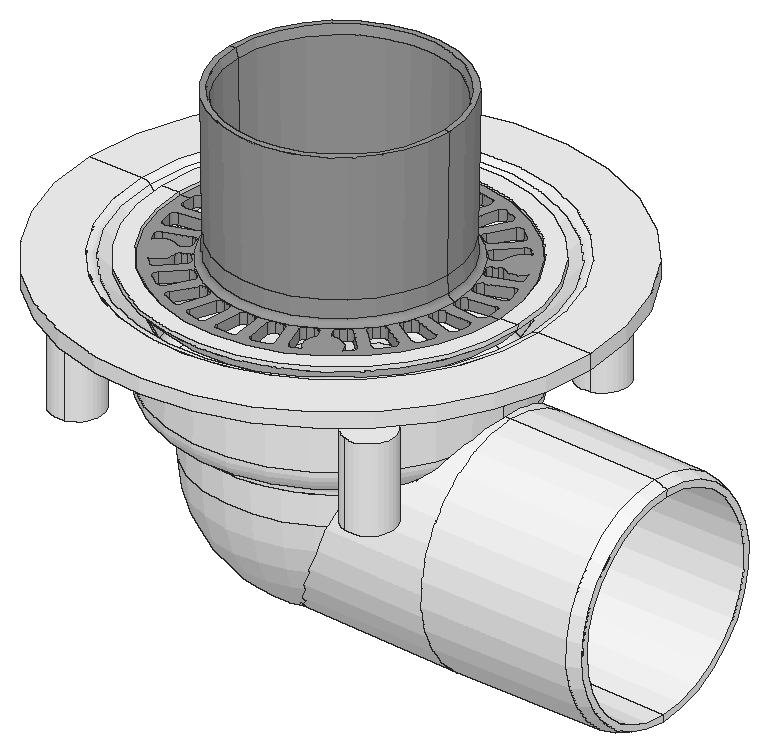
Revit family "3000.111.4-112.4 Down Pipe Junction 65x80 SE", category Plumbing Fixtures, Revit 2020
Family settings
  Round Connector Dimension = Use Diameter
  Part Type = Normal
  OmniClass Number = 23.13.41.39
  Work Plane-Based = No
  Always vertical = Yes
  Cut with Voids When Loaded = No
  Shared = No
  Room Calculation Point = No
Parameters (values of type "3000.111.4 65x80 Vented")
  Waste Connection = yes
  Vented = yes
  Vent Connection = no
  URL = "www.aquaknight.co.nz"
  Phone = "+6498322214"  # constant formula
  NonV = not(Vented)  # no
  Model = "3000.111.4"
  Manufacturer = "Aquanight Industries Ltd"  # constant formula
  HW Connection = no
  Email = "info@aquaknight.co.nz"  # constant formula
  Description = "Down-Pipe Junction 65mm Inlet w 80mm Outlet Vented Side Exit Small Flange"
  Default Elevation = 0 mm
  Connector Diameter = 80 mm
  CW Connection = no
Types (2, lengths in mm): name | Vented | NonV | Model | Description
  3000.112.4 65x80 Non-Vented | no | yes | "3000.112.4" | "Down-Pipe Junction 65mm Inlet w 80mm Outlet Non-Vented Side Exit Small Flange"
  3000.111.4 65x80 Vented | yes | no | "3000.111.4" | "Down-Pipe Junction 65mm Inlet w 80mm Outlet Vented Side Exit Small Flange"
Reference planes
  plane 1 "Center (Front/Back)": y = 0
  plane 2: z = 0
  plane 3 "Center (Left/Right)": x = 0
  plane 4: z = -98.753
  plane 5: through (112.246, -1524, -68.937) normal (-0.0175, 0, -0.9998)
  plane 6: through (82.351, -1524, -68.415) normal (-0.9998, 0, 0.0175)
  plane 7: z = 14
Forms (mm)
  Revolve 1, solid, material "Plastic, Glossy White"
    sketch origin (0, 0, -4) x (1, 0, 0) y (0, 0, 1)
      loop
        arc (-47.906, -36.447) -> (-50.879, -34.783) -> (-52.096, -31.601) r 5
        line (-52.096, -31.601) -> (-52.437, -12.04)
        arc (-52.437, -12.04) -> (-52.755, -10.547) -> (-53.608, -9.282) r 4
        line (-53.608, -9.282) -> (-65.718, 2.828)
        arc (-65.718, 2.828) -> (-67.016, 3.696) -> (-68.547, 4) r 4
        line (-68.547, 4) -> (-86.49, 4) -> (-86.49, -1) -> (-70.618, -1)
        arc (-70.618, -1) -> (-69.087, -1.304) -> (-67.789, -2.172) r 4
        line (-67.789, -2.172) -> (-58.063, -11.898)
        arc (-58.063, -11.898) -> (-57.209, -13.164) -> (-56.892, -14.657) r 4
        line (-56.892, -14.657) -> (-56.596, -31.582)
        arc (-56.596, -31.582) -> (-54.298, -37.433) -> (-48.731, -40.353) r 9
        arc (-48.731, -40.353) -> (-45.64, -41.992) -> (-44.364, -45.242) r 5
        line (-44.364, -45.242) -> (-44.193, -55.006)
        arc (-44.193, -55.006) -> (-31.068, -86.307) -> (0, -99.977) r 45.799
        line (0, -99.977) -> (0, -95.032)
        arc (0, -95.032) -> (-28.266, -82.595) -> (-40.208, -54.116) r 41.669
        line (-40.208, -54.116) -> (-40.364, -45.173)
        arc (-40.364, -45.173) -> (-42.554, -39.444) -> (-47.906, -36.447) r 9
      loop
        line (-54.05, -3) -> (-54.05, 0) -> (-55.55, 0) -> (-55.55, 4) -> (-61.536, 4) -> (-61.536, 2.5) -> (-56.036, -3) -> (-54.05, -3)
      axis (0, 4) -> (0, -99.977)
    angle from 0 to 360
  Extrusion 2, solid, material "Plastic, Glossy White", detail levels fine
    sketch origin (0, 0, -4) x (1, 0, 0) y (0, 1, 0)
      loop
        circle (-50.391, -50.391) r 8.2
      loop
        circle (50.391, -50.391) r 8.2
      loop
        circle (-50.391, 50.391) r 8.2
      loop
        circle (50.391, 50.391) r 8.2
    from -38.379 to -10
  Revolve 3, solid, material "Plastic, Glossy White"
    sketch origin (0, 0, 0) x (1, 0, 0) y (0, 0, 1)
      loop
        line (0, -103.977) -> (57.594, -105.988) -> (107.363, -106.396) -> (111.618, -104.931) -> (111.653, -102.931) -> (0, -99.032) -> (0, -103.977)
      axis (0.559, -66.987) -> (112.246, -68.937)
    angle from 0 to 360
  Revolve 4, solid, visible <- "NonV"
    sketch origin (0, 0, 0) x (1, 0, 0) y (0, 0, 1)
      loop
        line (-37.35, 10.5) -> (-37.528, 5.413)
        arc (-37.528, 5.413) -> (-38.132, 4.056) -> (-39.508, 3.5) r 1.982
        line (-39.508, 3.5) -> (-62, 3.5) -> (-62, 0.5)
        arc (-62, 0.5) -> (-61.854, 0.146) -> (-61.5, 0) r 0.5
        line (-61.5, 0) -> (-35.1, 0) -> (-31.651, -3.448) -> (-30.728, -3.448) -> (-31.114, 0.964) -> (-34.637, 4.487) -> (-35.265, 52.495) -> (-36.111, 55.495) -> (-37.905, 55.495) -> (-37.35, 10.5)
      axis (0, 55.495) -> (0, -3.448)
    angle from 0 to 360
  Revolve 5, solid, material "Stainless Steel"
    sketch origin (0, 0, 0) x (1, 0, 0) y (0, 0, 1)
      loop
        line (-37.325, 7.214) -> (-37.525, 1.498)
        arc (-37.525, 1.498) -> (-38.155, 0.081) -> (-39.593, -0.5) r 2.07
        line (-39.593, -0.5) -> (-55, -0.5) -> (-55, -4) -> (-35.1, -4) -> (-31.651, -7.448) -> (-30.728, -7.448) -> (-31.114, -3.036) -> (-34.637, 0.487) -> (-35.265, 48.495) -> (-36.111, 51.495) -> (-37.905, 51.495) -> (-37.325, 7.214)
      axis (0, 51.495) -> (0, -7.448)
    angle from 0 to 360
  Extrusion 6, void
    sketch origin (0, 0, 0) x (1, 0, 0) y (0, 1, 0)
      loop
        arc (-3.787, 41.226) -> (-3.19, 40.151) -> (-2.023, 39.763) r 1.694
        arc (-2.023, 39.763) -> (-0.917, 39.804) -> (0.189, 39.814) r 39.815
        arc (0.189, 39.814) -> (1.337, 40.255) -> (1.884, 41.357) r 1.694
        line (1.884, 41.357) -> (2.642, 49.84)
        arc (2.642, 49.84) -> (2.216, 51.122) -> (0.987, 51.684) r 1.694
        arc (0.987, 51.684) -> (-1.191, 51.68) -> (-3.367, 51.584) r 51.694
        arc (-3.367, 51.584) -> (-4.569, 50.966) -> (-4.935, 49.665) r 1.694
        line (-4.935, 49.665) -> (-3.787, 41.226)
      loop
        arc (5.482, 41.035) -> (5.824, 39.854) -> (6.876, 39.216) r 1.694
        arc (6.876, 39.216) -> (7.963, 39.01) -> (9.043, 38.774) r 39.815
        arc (9.043, 38.774) -> (10.261, 38.949) -> (11.039, 39.901) r 1.694
        line (11.039, 39.901) -> (13.666, 48.003)
        arc (13.666, 48.003) -> (13.536, 49.347) -> (12.463, 50.169) r 1.694
        arc (12.463, 50.169) -> (10.339, 50.649) -> (8.196, 51.04) r 51.694
        arc (8.196, 51.04) -> (6.887, 50.704) -> (6.24, 49.518) r 1.694
        line (6.24, 49.518) -> (5.482, 41.035)
      loop
        arc (14.475, 38.787) -> (14.547, 37.559) -> (15.43, 36.703) r 1.694
        arc (15.43, 36.703) -> (16.444, 36.26) -> (17.445, 35.789) r 39.815
        arc (17.445, 35.789) -> (18.67, 35.689) -> (19.641, 36.444) r 1.694
        line (19.641, 36.444) -> (24.005, 43.758)
        arc (24.005, 43.758) -> (24.177, 45.098) -> (23.314, 46.138) r 1.694
        arc (23.314, 46.138) -> (21.35, 47.079) -> (19.348, 47.937) r 51.694
        arc (19.348, 47.937) -> (17.997, 47.901) -> (17.102, 46.888) r 1.694
        line (17.102, 46.888) -> (14.475, 38.787)
      loop
        arc (22.743, 34.593) -> (22.54, 33.38) -> (23.211, 32.349) r 1.694
        arc (23.211, 32.349) -> (24.1, 31.692) -> (24.971, 31.01) r 39.815
        arc (24.971, 31.01) -> (26.144, 30.639) -> (27.258, 31.16) r 1.694
        line (27.258, 31.16) -> (33.14, 37.319)
        arc (33.14, 37.319) -> (33.606, 38.587) -> (32.997, 39.793) r 1.694
        arc (32.997, 39.793) -> (31.291, 41.148) -> (29.529, 42.43) r 51.694
        arc (29.529, 42.43) -> (28.205, 42.695) -> (27.107, 41.907) r 1.694
        line (27.107, 41.907) -> (22.743, 34.593)
      loop
        line (40.739, 7.366) -> (49.178, 8.515)
        arc (49.178, 8.515) -> (50.333, 9.216) -> (50.608, 10.538) r 1.694
        arc (50.608, 10.538) -> (50.119, 12.661) -> (49.541, 14.761) r 51.694
        arc (49.541, 14.761) -> (48.671, 15.795) -> (47.322, 15.863) r 1.694
        line (47.322, 15.863) -> (39.35, 12.866)
        arc (39.35, 12.866) -> (38.434, 12.044) -> (38.316, 10.82) r 1.694
        arc (38.316, 10.82) -> (38.602, 9.752) -> (38.858, 8.676) r 39.815
        arc (38.858, 8.676) -> (39.543, 7.654) -> (40.739, 7.366) r 1.694
      loop
        line (41.357, -1.884) -> (49.84, -2.642)
        arc (49.84, -2.642) -> (51.122, -2.216) -> (51.684, -0.987) r 1.694
        arc (51.684, -0.987) -> (51.68, 1.191) -> (51.584, 3.367) r 51.694
        arc (51.584, 3.367) -> (50.966, 4.569) -> (49.665, 4.935) r 1.694
        line (49.665, 4.935) -> (41.226, 3.787)
        arc (41.226, 3.787) -> (40.151, 3.19) -> (39.763, 2.023) r 1.694
        arc (39.763, 2.023) -> (39.804, 0.917) -> (39.814, -0.189) r 39.815
        arc (39.814, -0.189) -> (40.255, -1.337) -> (41.357, -1.884) r 1.694
      loop
        arc (41.035, -5.482) -> (39.854, -5.824) -> (39.216, -6.876) r 1.694
        arc (39.216, -6.876) -> (39.01, -7.963) -> (38.774, -9.043) r 39.815
        arc (38.774, -9.043) -> (38.949, -10.261) -> (39.901, -11.039) r 1.694
        line (39.901, -11.039) -> (48.003, -13.666)
        arc (48.003, -13.666) -> (49.347, -13.536) -> (50.169, -12.463) r 1.694
        arc (50.169, -12.463) -> (50.649, -10.339) -> (51.04, -8.196) r 51.694
        arc (51.04, -8.196) -> (50.704, -6.887) -> (49.518, -6.24) r 1.694
        line (49.518, -6.24) -> (41.035, -5.482)
      loop
        arc (38.787, -14.475) -> (37.559, -14.547) -> (36.703, -15.43) r 1.694
        arc (36.703, -15.43) -> (36.26, -16.444) -> (35.789, -17.445) r 39.815
        arc (35.789, -17.445) -> (35.689, -18.67) -> (36.444, -19.641) r 1.694
        line (36.444, -19.641) -> (43.758, -24.005)
        arc (43.758, -24.005) -> (45.098, -24.177) -> (46.138, -23.314) r 1.694
        arc (46.138, -23.314) -> (47.079, -21.35) -> (47.937, -19.348) r 51.694
        arc (47.937, -19.348) -> (47.901, -17.997) -> (46.888, -17.102) r 1.694
        line (46.888, -17.102) -> (38.787, -14.475)
      loop
        arc (34.593, -22.743) -> (33.38, -22.54) -> (32.349, -23.211) r 1.694
        arc (32.349, -23.211) -> (31.692, -24.1) -> (31.01, -24.971) r 39.815
        arc (31.01, -24.971) -> (30.639, -26.144) -> (31.16, -27.258) r 1.694
        line (31.16, -27.258) -> (37.319, -33.14)
        arc (37.319, -33.14) -> (38.587, -33.606) -> (39.793, -32.997) r 1.694
        arc (39.793, -32.997) -> (41.148, -31.291) -> (42.43, -29.529) r 51.694
        arc (42.43, -29.529) -> (42.695, -28.205) -> (41.907, -27.107) r 1.694
        line (41.907, -27.107) -> (34.593, -22.743)
      loop
        arc (12.866, -39.35) -> (12.044, -38.434) -> (10.82, -38.316) r 1.694
        arc (10.82, -38.316) -> (9.752, -38.602) -> (8.676, -38.858) r 39.815
        arc (8.676, -38.858) -> (7.654, -39.543) -> (7.366, -40.739) r 1.694
        line (7.366, -40.739) -> (8.515, -49.178)
        arc (8.515, -49.178) -> (9.216, -50.333) -> (10.538, -50.608) r 1.694
        arc (10.538, -50.608) -> (12.661, -50.119) -> (14.761, -49.541) r 51.694
        arc (14.761, -49.541) -> (15.795, -48.671) -> (15.863, -47.322) r 1.694
        line (15.863, -47.322) -> (12.866, -39.35)
      loop
        line (-1.884, -41.357) -> (-2.642, -49.84)
        arc (-2.642, -49.84) -> (-2.216, -51.122) -> (-0.987, -51.684) r 1.694
        arc (-0.987, -51.684) -> (1.191, -51.68) -> (3.367, -51.584) r 51.694
        arc (3.367, -51.584) -> (4.569, -50.966) -> (4.935, -49.665) r 1.694
        line (4.935, -49.665) -> (3.787, -41.226)
        arc (3.787, -41.226) -> (3.19, -40.151) -> (2.023, -39.763) r 1.694
        arc (2.023, -39.763) -> (0.917, -39.804) -> (-0.189, -39.814) r 39.815
        arc (-0.189, -39.814) -> (-1.337, -40.255) -> (-1.884, -41.357) r 1.694
      loop
        line (-11.039, -39.901) -> (-13.666, -48.003)
        arc (-13.666, -48.003) -> (-13.536, -49.347) -> (-12.463, -50.169) r 1.694
        arc (-12.463, -50.169) -> (-10.339, -50.649) -> (-8.196, -51.04) r 51.694
        arc (-8.196, -51.04) -> (-6.887, -50.704) -> (-6.24, -49.518) r 1.694
        line (-6.24, -49.518) -> (-5.482, -41.035)
        arc (-5.482, -41.035) -> (-5.824, -39.854) -> (-6.876, -39.216) r 1.694
        arc (-6.876, -39.216) -> (-7.963, -39.01) -> (-9.043, -38.774) r 39.815
        arc (-9.043, -38.774) -> (-10.261, -38.949) -> (-11.039, -39.901) r 1.694
      loop
        line (-19.641, -36.444) -> (-24.005, -43.758)
        arc (-24.005, -43.758) -> (-24.177, -45.098) -> (-23.314, -46.138) r 1.694
        arc (-23.314, -46.138) -> (-21.35, -47.079) -> (-19.348, -47.937) r 51.694
        arc (-19.348, -47.937) -> (-17.997, -47.901) -> (-17.102, -46.888) r 1.694
        line (-17.102, -46.888) -> (-14.475, -38.787)
        arc (-14.475, -38.787) -> (-14.547, -37.559) -> (-15.43, -36.703) r 1.694
        arc (-15.43, -36.703) -> (-16.444, -36.26) -> (-17.445, -35.789) r 39.815
        arc (-17.445, -35.789) -> (-18.67, -35.689) -> (-19.641, -36.444) r 1.694
      loop
        arc (-22.743, -34.593) -> (-22.54, -33.38) -> (-23.211, -32.349) r 1.694
        arc (-23.211, -32.349) -> (-24.1, -31.692) -> (-24.971, -31.01) r 39.815
        arc (-24.971, -31.01) -> (-26.144, -30.639) -> (-27.258, -31.16) r 1.694
        line (-27.258, -31.16) -> (-33.14, -37.319)
        arc (-33.14, -37.319) -> (-33.606, -38.587) -> (-32.997, -39.793) r 1.694
        arc (-32.997, -39.793) -> (-31.291, -41.148) -> (-29.529, -42.43) r 51.694
        arc (-29.529, -42.43) -> (-28.205, -42.695) -> (-27.107, -41.907) r 1.694
        line (-27.107, -41.907) -> (-22.743, -34.593)
      loop
        arc (-39.35, -12.866) -> (-38.434, -12.044) -> (-38.316, -10.82) r 1.694
        arc (-38.316, -10.82) -> (-38.602, -9.752) -> (-38.858, -8.676) r 39.815
        arc (-38.858, -8.676) -> (-39.543, -7.654) -> (-40.739, -7.366) r 1.694
        line (-40.739, -7.366) -> (-49.178, -8.515)
        arc (-49.178, -8.515) -> (-50.333, -9.216) -> (-50.608, -10.538) r 1.694
        arc (-50.608, -10.538) -> (-50.119, -12.661) -> (-49.541, -14.761) r 51.694
        arc (-49.541, -14.761) -> (-48.671, -15.795) -> (-47.322, -15.863) r 1.694
        line (-47.322, -15.863) -> (-39.35, -12.866)
      loop
        arc (-41.226, -3.787) -> (-40.151, -3.19) -> (-39.763, -2.023) r 1.694
        arc (-39.763, -2.023) -> (-39.804, -0.917) -> (-39.814, 0.189) r 39.815
        arc (-39.814, 0.189) -> (-40.255, 1.337) -> (-41.357, 1.884) r 1.694
        line (-41.357, 1.884) -> (-49.84, 2.642)
        arc (-49.84, 2.642) -> (-51.122, 2.216) -> (-51.684, 0.987) r 1.694
        arc (-51.684, 0.987) -> (-51.68, -1.191) -> (-51.584, -3.367) r 51.694
        arc (-51.584, -3.367) -> (-50.966, -4.569) -> (-49.665, -4.935) r 1.694
        line (-49.665, -4.935) -> (-41.226, -3.787)
      loop
        line (-39.901, 11.039) -> (-48.003, 13.666)
        arc (-48.003, 13.666) -> (-49.347, 13.536) -> (-50.169, 12.463) r 1.694
        arc (-50.169, 12.463) -> (-50.649, 10.339) -> (-51.04, 8.196) r 51.694
        arc (-51.04, 8.196) -> (-50.704, 6.887) -> (-49.518, 6.24) r 1.694
        line (-49.518, 6.24) -> (-41.035, 5.482)
        arc (-41.035, 5.482) -> (-39.854, 5.824) -> (-39.216, 6.876) r 1.694
        arc (-39.216, 6.876) -> (-39.01, 7.963) -> (-38.774, 9.043) r 39.815
        arc (-38.774, 9.043) -> (-38.949, 10.261) -> (-39.901, 11.039) r 1.694
      loop
        line (-36.444, 19.641) -> (-43.758, 24.005)
        arc (-43.758, 24.005) -> (-45.098, 24.177) -> (-46.138, 23.314) r 1.694
        arc (-46.138, 23.314) -> (-47.079, 21.35) -> (-47.937, 19.348) r 51.694
        arc (-47.937, 19.348) -> (-47.901, 17.997) -> (-46.888, 17.102) r 1.694
        line (-46.888, 17.102) -> (-38.787, 14.475)
        arc (-38.787, 14.475) -> (-37.559, 14.547) -> (-36.703, 15.43) r 1.694
        arc (-36.703, 15.43) -> (-36.26, 16.444) -> (-35.789, 17.445) r 39.815
        arc (-35.789, 17.445) -> (-35.689, 18.67) -> (-36.444, 19.641) r 1.694
      loop
        arc (-34.593, 22.743) -> (-33.38, 22.54) -> (-32.349, 23.211) r 1.694
        arc (-32.349, 23.211) -> (-31.692, 24.1) -> (-31.01, 24.971) r 39.815
        arc (-31.01, 24.971) -> (-30.639, 26.144) -> (-31.16, 27.258) r 1.694
        line (-31.16, 27.258) -> (-37.319, 33.14)
        arc (-37.319, 33.14) -> (-38.587, 33.606) -> (-39.793, 32.997) r 1.694
        arc (-39.793, 32.997) -> (-41.148, 31.291) -> (-42.43, 29.529) r 51.694
        arc (-42.43, 29.529) -> (-42.695, 28.205) -> (-41.907, 27.107) r 1.694
        line (-41.907, 27.107) -> (-34.593, 22.743)
      loop
        line (-32.94, 40.085) -> (-34.795, 38.23)
        arc (-34.795, 38.23) -> (-35.348, 36.998) -> (-34.824, 35.753) r 1.694
        line (-34.824, 35.753) -> (-28.665, 29.871)
        arc (-28.665, 29.871) -> (-27.528, 29.402) -> (-26.373, 29.827) r 1.694
        arc (-26.373, 29.827) -> (-25.535, 30.548) -> (-24.676, 31.245) r 39.815
        arc (-24.676, 31.245) -> (-24.054, 32.306) -> (-24.313, 33.509) r 1.694
        line (-24.313, 33.509) -> (-25.202, 34.854)
        arc (-25.202, 34.854) -> (-25.885, 35.448) -> (-26.776, 35.606) r 1.694
        arc (-26.776, 35.606) -> (-30.705, 36.68) -> (-32.94, 40.085) r 5.756
      loop
        arc (-23.653, 45.772) -> (-21.67, 42.429) -> (-22.264, 38.589) r 5.756
        arc (-22.264, 38.589) -> (-22.468, 37.707) -> (-22.189, 36.846) r 1.694
        line (-22.189, 36.846) -> (-21.299, 35.501)
        arc (-21.299, 35.501) -> (-20.295, 34.791) -> (-19.075, 34.948) r 1.694
        arc (-19.075, 34.948) -> (-18.097, 35.464) -> (-17.105, 35.953) r 39.815
        arc (-17.105, 35.953) -> (-16.262, 36.849) -> (-16.247, 38.079) r 1.694
        line (-16.247, 38.079) -> (-19.245, 46.051)
        arc (-19.245, 46.051) -> (-20.185, 47.021) -> (-21.536, 46.994) r 1.694
        line (-21.536, 46.994) -> (-23.653, 45.772)
      loop
        arc (-12.866, 39.35) -> (-12.044, 38.434) -> (-10.82, 38.316) r 1.694
        arc (-10.82, 38.316) -> (-9.752, 38.602) -> (-8.676, 38.858) r 39.815
        arc (-8.676, 38.858) -> (-7.654, 39.543) -> (-7.366, 40.739) r 1.694
        line (-7.366, 40.739) -> (-8.515, 49.178)
        arc (-8.515, 49.178) -> (-9.216, 50.333) -> (-10.538, 50.608) r 1.694
        arc (-10.538, 50.608) -> (-12.661, 50.119) -> (-14.761, 49.541) r 51.694
        arc (-14.761, 49.541) -> (-15.795, 48.671) -> (-15.863, 47.322) r 1.694
        line (-15.863, 47.322) -> (-12.866, 39.35)
      loop
        line (40.085, 32.94) -> (38.23, 34.795)
        arc (38.23, 34.795) -> (36.998, 35.348) -> (35.753, 34.824) r 1.694
        line (35.753, 34.824) -> (29.871, 28.665)
        arc (29.871, 28.665) -> (29.402, 27.528) -> (29.827, 26.373) r 1.694
        arc (29.827, 26.373) -> (30.548, 25.535) -> (31.245, 24.676) r 39.815
        arc (31.245, 24.676) -> (32.306, 24.054) -> (33.509, 24.313) r 1.694
        line (33.509, 24.313) -> (34.854, 25.202)
        arc (34.854, 25.202) -> (35.448, 25.885) -> (35.606, 26.776) r 1.694
        arc (35.606, 26.776) -> (36.68, 30.705) -> (40.085, 32.94) r 5.756
      loop
        arc (45.932, 23.855) -> (42.555, 21.696) -> (38.589, 22.264) r 5.756
        arc (38.589, 22.264) -> (37.707, 22.468) -> (36.846, 22.189) r 1.694
        line (36.846, 22.189) -> (35.501, 21.299)
        arc (35.501, 21.299) -> (34.791, 20.295) -> (34.948, 19.075) r 1.694
        arc (34.948, 19.075) -> (35.464, 18.097) -> (35.953, 17.105) r 39.815
        arc (35.953, 17.105) -> (36.849, 16.262) -> (38.079, 16.247) r 1.694
        line (38.079, 16.247) -> (46.051, 19.245)
        arc (46.051, 19.245) -> (47.021, 20.185) -> (46.994, 21.536) r 1.694
        line (46.994, 21.536) -> (45.932, 23.855)
      loop
        arc (-45.932, -23.855) -> (-42.555, -21.696) -> (-38.589, -22.264) r 5.756
        arc (-38.589, -22.264) -> (-37.707, -22.468) -> (-36.846, -22.189) r 1.694
        line (-36.846, -22.189) -> (-35.501, -21.299)
        arc (-35.501, -21.299) -> (-34.791, -20.295) -> (-34.948, -19.075) r 1.694
        arc (-34.948, -19.075) -> (-35.464, -18.097) -> (-35.953, -17.105) r 39.815
        arc (-35.953, -17.105) -> (-36.849, -16.262) -> (-38.079, -16.247) r 1.694
        line (-38.079, -16.247) -> (-46.051, -19.245)
        arc (-46.051, -19.245) -> (-47.021, -20.185) -> (-46.994, -21.536) r 1.694
        line (-46.994, -21.536) -> (-45.932, -23.855)
      loop
        line (-40.085, -32.94) -> (-38.23, -34.795)
        arc (-38.23, -34.795) -> (-36.998, -35.348) -> (-35.753, -34.824) r 1.694
        line (-35.753, -34.824) -> (-29.871, -28.665)
        arc (-29.871, -28.665) -> (-29.402, -27.528) -> (-29.827, -26.373) r 1.694
        arc (-29.827, -26.373) -> (-30.548, -25.535) -> (-31.245, -24.676) r 39.815
        arc (-31.245, -24.676) -> (-32.306, -24.054) -> (-33.509, -24.313) r 1.694
        line (-33.509, -24.313) -> (-34.854, -25.202)
        arc (-34.854, -25.202) -> (-35.448, -25.885) -> (-35.606, -26.776) r 1.694
        arc (-35.606, -26.776) -> (-36.68, -30.705) -> (-40.085, -32.94) r 5.756
      loop
        arc (23.855, -45.932) -> (21.696, -42.555) -> (22.264, -38.589) r 5.756
        arc (22.264, -38.589) -> (22.468, -37.707) -> (22.189, -36.846) r 1.694
        line (22.189, -36.846) -> (21.299, -35.501)
        arc (21.299, -35.501) -> (20.295, -34.791) -> (19.075, -34.948) r 1.694
        arc (19.075, -34.948) -> (18.097, -35.464) -> (17.105, -35.953) r 39.815
        arc (17.105, -35.953) -> (16.262, -36.849) -> (16.247, -38.079) r 1.694
        line (16.247, -38.079) -> (19.245, -46.051)
        arc (19.245, -46.051) -> (20.185, -47.021) -> (21.536, -46.994) r 1.694
        line (21.536, -46.994) -> (23.855, -45.932)
      loop
        arc (34.795, -38.23) -> (35.348, -36.998) -> (34.824, -35.753) r 1.694
        line (34.824, -35.753) -> (28.665, -29.871)
        arc (28.665, -29.871) -> (27.528, -29.402) -> (26.373, -29.827) r 1.694
        arc (26.373, -29.827) -> (25.535, -30.548) -> (24.676, -31.245) r 39.815
        arc (24.676, -31.245) -> (24.054, -32.306) -> (24.313, -33.509) r 1.694
        line (24.313, -33.509) -> (25.202, -34.854)
        arc (25.202, -34.854) -> (25.885, -35.448) -> (26.776, -35.606) r 1.694
        arc (26.776, -35.606) -> (30.705, -36.68) -> (32.94, -40.085) r 5.756
        line (32.94, -40.085) -> (34.795, -38.23)
    from -13.15 to 8.877
Cuts and joins
  Extrusion 6 cuts Revolve 5
Lines and regions (mm)
  Masking region 1
    outline origin (0, 0, 0) x (1, 0, 0) y (0, 1, 0)
      loop
        circle (0, 0) r 86.49
  symbolic lines
    curve 1: circle (0, 0, 0) r 62 normal (0, 0, 1)
    curve 3: circle (0, 0, 0) r 31.651 normal (0, 0, 1)
    curve 4: circle (0, 0, 0) r 35.265 normal (0, 0, 1)
  symbolic lines, visible <- "Vented"
    curve 2: circle (0, 0, 0) r 56.036 normal (0, 0, 1)
  symbolic lines, detail levels fine
    curve 5: circle (-56.569, 56.569, 0) r 4 normal (0, 0, 1)
    curve 6: circle (56.569, 56.569, 0) r 4 normal (0, 0, 1)
    curve 7: circle (56.569, -56.569, 0) r 4 normal (0, 0, 1)
    curve 8: circle (-56.569, -56.569, 0) r 4 normal (0, 0, 1)
  model lines, detail levels fine
    curve 9: circle (-56.569, -56.569, 0) r 4 normal (0, 0, 1)
    curve 10: circle (56.569, -56.569, 0) r 4 normal (0, 0, 1)
    curve 11: circle (-56.569, 56.569, 0) r 4 normal (0, 0, 1)
    curve 12: circle (56.569, 56.569, 0) r 4 normal (0, 0, 1)
Dimensions and locks
  level to plane 4 = 98.753 mm
  locked: connector elem to plane 1 "Center (Front/Back)"  (x2)
  locked: connector elem to plane 3 "Center (Left/Right)"
  aligned and locked: level to plane 2
  aligned and locked: Revolve 1 sketch curve to plane 3 "Center (Left/Right)"
  aligned and locked: Revolve 3 sketch curve to plane 5
  aligned and locked: curve 9 to curve 8
  aligned and locked: curve 10 to curve 7
  aligned and locked: curve 11 to curve 5
  aligned and locked: curve 12 to curve 6
Connectors
  piping at (82.351, 0, -68.415), diameter 80
    settings: on plane 6, index 1, connector inside diameter 609.6 mm, connector length 0 mm, flow factor 0, pipe flow 0.0 L/s, pressure drop 0.0 Pa, fitting loss kfactor 0, connector angle 0.00°, fixture units 0, engagement length 0 mm, angle of deflection 0.00°, flow configuration 0, flow direction 0, fitting loss method 0, system type 28, joint type 0, gender type 0, connector reference index -1, connector utility 0, adjustable connector no, is connector primary yes, connector description ""
  piping at (0, 0, 14), diameter 65
    settings: on plane 7, index 2, connector inside diameter 609.6 mm, connector length 0 mm, flow factor 0, pipe flow 0.0 L/s, pressure drop 0.0 Pa, fitting loss kfactor 0, connector angle 0.00°, fixture units 0, engagement length 0 mm, angle of deflection 0.00°, flow configuration 0, flow direction 0, fitting loss method 0, system type 28, joint type 0, gender type 0, connector reference index -1, connector utility 0, adjustable connector no, is connector primary no, connector description ""
